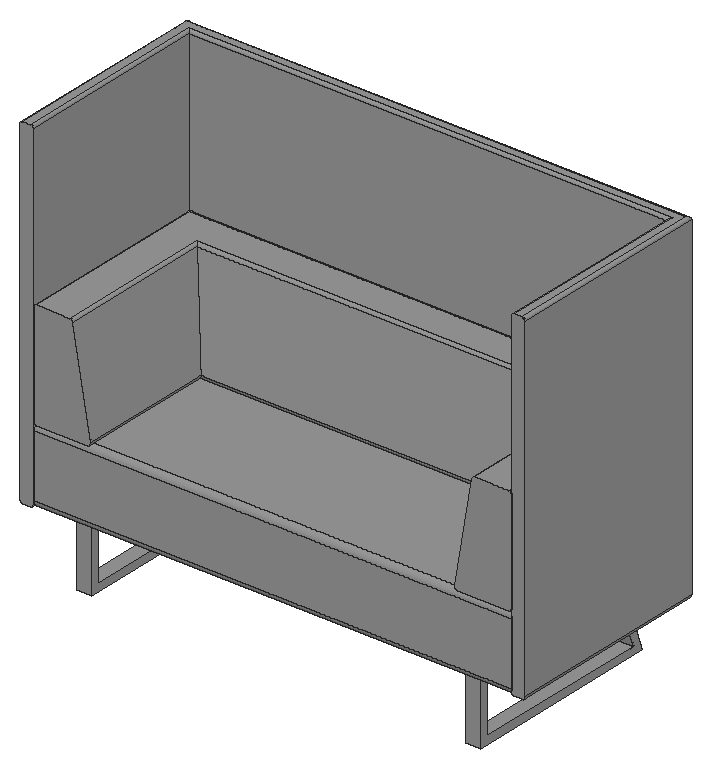
Revit family "TP3H - TP3L", category Furniture, Revit 2019
Family settings
  OmniClass Number = 23.40.20.00
  OmniClass Title = General Furniture and Specialties
  Work Plane-Based = No
  Always vertical = Yes
  Cut with Voids When Loaded = No
  Shared = No
  Room Calculation Point = No
Parameters (values of type "TP3H-K")
  URL = "www.gof.co.uk"
  Seat = GABRIEL Byron_02101
  Range = "SEATING"
  Product Data Specification = "https://gof.co.uk/wp-content/uploads/2016/02/Take-Off-Task-Product-Data-Sheet.compressed.pdf"
  Product Code = "TP3H-K"
  Product Brochure = "https://gof.co.uk/wp-content/uploads/2016/04/Take_Off_Reception_Brochure_2016.pdf"
  Model = "TAKE OFF PLUS"
  Manufacturer = "Gresham Office Furniture"  # constant formula
  Low Surround = GABRIEL Byron_02101
  Low Surround (Vis) = no
  High Surround (Vis) = yes
  High Surround = GABRIEL Byron_02101
  Circular Leg Frame = no
  Back = GABRIEL Byron_14101
  Angled Base Frame = yes
Types (5, lengths in mm): name | Product Code | Low Surround (Vis) | High Surround (Vis) | Circular Leg Frame | Angled Base Frame
  (no name) | "TP3H-K" | no | yes | no | yes
  TP3L-K | "TP3L-K" | yes | no | no | yes
  TP3H-K | "TP3H-K" | no | yes | no | yes
  TP3H-4 | "TP3H-4" | no | yes | yes | no
  TP3L-4 | "TP3L-4" | yes | no | yes | no
Reference planes
  plane 1 "Center (Front/Back)": y = 0
  plane 2: z = 0
  plane 3 "Center (Left/Right)": x = 0
  plane 4: y = 347.5
  plane 5: x = 845
  plane 6: x = -845
  plane 7 "Right Inner": x = 800
  plane 8 "Left Inner": x = -800
  plane 9: y = 302.5
  plane 10: y = -347.5
Forms (mm)
  Extrusion 1, solid, material "GABRIEL Byron_02101" <- "Seat"
    sketch origin (0, 0, 215) x (0, 1, 0) y (-1, 0, 0)
      loop
        line (302.5, 800) -> (-347.5, 800) -> (-347.5, -800) -> (302.5, -800) -> (302.5, 800)
    from 0 to 250
  Sweep 2, void
    path in 3D
      loop
        line (800, -347.5, 215) -> (800, 302.5, 215) -> (-800, 302.5, 215) -> (-800, -347.5, 215) -> (800, -347.5, 215)
    profile origin (0, -347.5, 215) x (0, -1, 0) y (0, 0, -1)
      loop
        line (0, 0) -> (-20, 0)
        arc (-20, 0) -> (-5.858, -5.858) -> (0, -20) r 20
        line (0, -20) -> (0, 0)
  Sweep 3, solid, material "GABRIEL Byron_14101" <- "Back"
    path in 3D
      loop
        line (-800, -347.5, 465) -> (-800, 302.5, 465) -> (800, 302.5, 465) -> (800, -347.5, 465)
    profile origin (0, 302.5, 465) x (0, 1, 0) y (0, 0, 1)
      loop
        line (-132.43, 351.697) -> (-190.985, 11.697)
        arc (-190.985, 11.697) -> (-188.778, 3.557) -> (-181.131, 0) r 10
        line (-181.131, 0) -> (-10, 0)
        arc (-10, 0) -> (-2.929, 2.929) -> (0, 10) r 10
        line (0, 10) -> (0, 350)
        arc (0, 350) -> (-2.929, 357.071) -> (-10, 360) r 10
        line (-10, 360) -> (-122.575, 360)
        arc (-122.575, 360) -> (-129.018, 357.648) -> (-132.43, 351.697) r 10
  Sweep 4, solid, material "GABRIEL Byron_02101" <- "Low Surround", visible <- "Low Surround (Vis)"
    path in 3D
      loop
        line (-800, -347.5, 465) -> (-800, 302.5, 465) -> (800, 302.5, 465) -> (800, -347.5, 465)
    profile origin (800, -22.5, 465) x (1, 0, 0) y (0, 0, 1)
      loop
        arc (10, 360) -> (2.929, 357.071) -> (0, 350) r 10
        line (0, 350) -> (0, -240)
        arc (0, -240) -> (2.929, -247.071) -> (10, -250) r 10
        line (10, -250) -> (35, -250)
        arc (35, -250) -> (42.071, -247.071) -> (45, -240) r 10
        line (45, -240) -> (45, 350)
        arc (45, 350) -> (42.071, 357.071) -> (35, 360) r 10
        line (35, 360) -> (10, 360)
  Sweep 5, void
    path in 3D
      loop
        line (800, -347.5, 465) -> (800, 302.5, 465) -> (-800, 302.5, 465) -> (-800, -347.5, 465) -> (800, -347.5, 465)
    profile origin (0, -347.5, 465) x (0, 1, 0) y (0, 0, 1)
      loop
        line (0, 0) -> (0, -20)
        arc (0, -20) -> (5.858, -5.858) -> (20, 0) r 20
        line (20, 0) -> (0, 0)
  Sweep 6, solid, material "GABRIEL Byron_02101" <- "High Surround", visible <- "High Surround (Vis)"
    path in 3D
      loop
        line (-800, -347.5, 1000) -> (-800, 302.5, 1000) -> (800, 302.5, 1000) -> (800, -347.5, 1000)
    profile origin (800, -22.5, 1000) x (1, 0, 0) y (0, 0, 1)
      loop
        arc (10, 360) -> (2.929, 357.071) -> (0, 350) r 10
        line (0, 350) -> (0, -775)
        arc (0, -775) -> (2.929, -782.071) -> (10, -785) r 10
        line (10, -785) -> (35, -785)
        arc (35, -785) -> (42.071, -782.071) -> (45, -775) r 10
        line (45, -775) -> (45, 350)
        arc (45, 350) -> (42.071, 357.071) -> (35, 360) r 10
        line (35, 360) -> (10, 360)
Cuts and joins
  Sweep 2, Sweep 5 cuts Extrusion 1
Lines and regions (mm)
  sketch lines
    curve 1: line (-800, -347.5, 215) -> (800, -347.5, 215)
    curve 2: line (800, -347.5, 215) -> (800, 302.5, 215)
    curve 3: line (800, 302.5, 215) -> (-800, 302.5, 215)
    curve 4: line (-800, 302.5, 215) -> (-800, -347.5, 215)
    curve 5: line (-800, 302.5, 465) -> (800, 302.5, 465)
    curve 6: line (-800, -347.5, 465) -> (-800, 302.5, 465)
    curve 7: line (800, 302.5, 465) -> (800, -347.5, 465)
    curve 8: line (800, 302.5, 465) -> (800, -347.5, 465)
    curve 9: line (-800, 302.5, 465) -> (800, 302.5, 465)
    curve 10: line (-800, -347.5, 465) -> (-800, 302.5, 465)
    curve 11: line (-800, -347.5, 465) -> (800, -347.5, 465)
    curve 12: line (800, -347.5, 465) -> (800, 302.5, 465)
    curve 13: line (800, 302.5, 465) -> (-800, 302.5, 465)
    curve 14: line (-800, 302.5, 465) -> (-800, -347.5, 465)
    curve 15: line (800, 302.5, 1000) -> (800, -347.5, 1000)
    curve 16: line (-800, 302.5, 1000) -> (800, 302.5, 1000)
    curve 17: line (-800, -347.5, 1000) -> (-800, 302.5, 1000)
Dimensions and locks
  plane 6 to plane 5 = 1690 mm
  locked: plane 7 "Right Inner" to plane 5 at 45
  locked: plane 6 to plane 8 "Left Inner" at 45
  locked: plane 9 to plane 4 at 45
  locked: plane 10 to plane 4 at 695
  equal spacing: plane 10, plane 1 "Center (Front/Back)", plane 4
  locked: nested 1 to plane 5 at 170
  locked: nested 1 to plane 10 at 26
  locked: plane 6 to nested 2 at 170
  locked: nested 2 to plane 10 at 26
  locked: nested 3 to plane 5 at 62.5
  locked: nested 3 to plane 10 at 20
  locked: plane 6 to nested 4 at 62.5
  locked: nested 4 to plane 10 at 20
  aligned and locked: level to plane 2
Automatic sketch dimensions
  Extrusion 1 sketch curve to plane 8 "Left Inner" = 0 mm
  Extrusion 1 sketch curve to plane 10 = 0 mm
  Extrusion 1 sketch curve to plane 9 = 0 mm
  Extrusion 1 sketch curve to plane 7 "Right Inner" = 0 mm
  profile plane to Sweep 2 sketch curve = 0 mm
  Sweep 2 sketch curve to profile plane = 0 mm
  Sweep 2 sketch curve to Sweep 2 sketch curve = 20 mm
  Sweep 3 sketch curve to profile plane = 0 mm  (x2)
  profile plane to Sweep 3 sketch curve = 10 mm  (x2)
  Sweep 3 sketch curve to Sweep 3 sketch curve = 10 mm  (x2)
  Sweep 3 sketch curve to Sweep 3 sketch curve = 112.575 mm
  Sweep 3 sketch curve to Sweep 3 sketch curve = 9.855 mm
  Sweep 3 sketch curve to Sweep 3 sketch curve = 171.131 mm
  profile plane to Sweep 3 sketch curve = 11.697 mm
  Sweep 3 sketch curve to Sweep 3 sketch curve = 340 mm
  profile plane to Sweep 4 sketch curve = 0 mm
  Sweep 4 sketch curve to profile plane = 10 mm  (x2)
  Sweep 4 sketch curve to Sweep 4 sketch curve = 25 mm  (x2)
  Sweep 4 sketch curve to Sweep 4 sketch curve = 10 mm
  Sweep 4 sketch curve to profile plane = 250 mm
  profile plane to Sweep 4 sketch curve = 350 mm
  Sweep 5 sketch curve to profile plane = 0 mm  (x2)
  Sweep 5 sketch curve to profile plane = 20 mm
  profile plane to Sweep 6 sketch curve = 0 mm
  Sweep 6 sketch curve to profile plane = 10 mm  (x2)
  Sweep 6 sketch curve to Sweep 6 sketch curve = 25 mm  (x2)
  Sweep 6 sketch curve to Sweep 6 sketch curve = 10 mm
  Sweep 6 sketch curve to profile plane = 785 mm
  profile plane to Sweep 6 sketch curve = 350 mm
Nested families
  nested 1: "Angled Base Frame" at (0, -83, 0), visible <- "Angled Base Frame", type "Angled Base Frame"
  nested 2: "Angled Base Frame" at (0, -83, 0) x (-1, 0, 0) z (0, 0, 1), visible <- "Angled Base Frame", type "Angled Base Frame"
  nested 3: "Circular Leg Frame" at (0, -83, 0), visible <- "Circular Leg Frame", type "Circular Leg Frame"
  nested 4: "Circular Leg Frame" at (0, -83, 0) x (-1, 0, 0) z (0, 0, 1), visible <- "Circular Leg Frame", type "Circular Leg Frame"
Definition of nested family "Angled Base Frame"
  Parameters (values of type "Angled Base Frame")
    Width = 1690 mm
    URL = "www.gof.co.uk"
    Range = "TAKE OFF PLUS"
    Product Code = ""
    Manufacturer = "Gresham Office Funiture"  # constant formula
    Frame = none
  Reference planes
    plane 1 "Center (Front/Back)": y = 83
    plane 2: z = 0
    plane 3 "Center (Left/Right)": x = 0
    plane 4: x = -845
    plane 5: x = 845
    plane 6: y = 430.5
    plane 7: y = -264.5
  Forms (mm)
    Extrusion 1, solid, material <- "Frame"
      sketch origin (675, 334.886, 702) x (0, -1, 0) y (0, 0, 1)
        loop
          line (-101.614, -702) -> (573.386, -702) -> (573.386, -487) -> (-23.614, -487) -> (-101.614, -702)
        loop
          line (548.386, -677) -> (548.386, -512) -> (-6.089, -512) -> (-65.95, -677) -> (548.386, -677)
      from 0 to 50
  Dimensions and locks
    "Width": plane 4 to plane 5
    locked: plane 6 to plane 7 at 695
    equal spacing: plane 4, plane 3 "Center (Left/Right)", plane 5
    Extrusion 1 sketch curve to Extrusion 1 sketch curve = 25 mm  (x2)
    Extrusion 1 sketch curve to Extrusion 1 sketch curve = 675 mm
    Extrusion 1 sketch curve to Extrusion 1 sketch curve = 597 mm
    locked: Extrusion 1 to plane 5 at 170
    locked: Extrusion 1 to plane 7 at 26
    equal spacing: plane 6, plane 1 "Center (Front/Back)", plane 7
    aligned and locked: level to plane 2
  Automatic sketch dimensions
    Extrusion 1 sketch curve to level = 0 mm
    plane 6 to Extrusion 1 sketch curve = 6 mm
    Extrusion 1 sketch curve to plane 6 = 29.664 mm
    Extrusion 1 sketch curve to Extrusion 1 sketch curve = 17.525 mm
    level to Extrusion 1 sketch curve = 25 mm
    Extrusion 1 sketch curve to Extrusion 1 sketch curve = 165 mm
Definition of nested family "Circular Leg Frame"
  Parameters (values of type "Circular Leg Frame")
    Width = 1690 mm
    URL = "www.gof.co.uk"
    Range = "TAKE OFF PLUS"
    Product Code = ""
    Manufacturer = "Gresham Office Funiture"  # constant formula
    Frame = none
    Foot = none
  Reference planes
    plane 1 "Center (Front/Back)": y = 83
    plane 2: z = 0
    plane 3 "Center (Left/Right)": x = 0
    plane 4: x = -845
    plane 5: x = 845
    plane 6: y = 430.5
    plane 7: y = -264.5
  Forms (mm)
    Extrusion 1, solid, material <- "Frame"
      sketch origin (770, 353.886, 702) x (0, -1, 0) y (0, 0, 1)
        loop
          line (553.386, -487) -> (-26.614, -487) -> (-26.614, -537) -> (553.386, -537) -> (553.386, -487)
      from 0 to 25
    Extrusion 2, solid, material <- "Frame"
      sketch origin (0, -25, 5) x (-1, 0, 0) y (0, -1, 0)
        loop
          circle (-757.5, 194.5) r 25
      from 0 to 210
    Extrusion 3, solid, material <- "Frame"
      sketch origin (0, 239, 5) x (-1, 0, 0) y (0, -1, 0)
        loop
          circle (-757.5, -161.5) r 25
      from 0 to 210
    Extrusion 4, solid, material <- "Foot"
      sketch origin (0, 0, 0) x (1, 0, 0) y (0, 1, 0)
        loop
          circle (757.5, -219.5) r 15
      from 0 to 5
    Extrusion 5, solid, material <- "Foot"
      sketch origin (0, 199, 0) x (1, 0, 0) y (0, 1, 0)
        loop
          circle (757.5, 201.5) r 15
      from 0 to 5
  Cuts and joins
    joined: Extrusion 1, Extrusion 2, Extrusion 3
  Dimensions and locks
    "Width": plane 4 to plane 5
    locked: plane 6 to plane 7 at 695
    equal spacing: plane 4, plane 3 "Center (Left/Right)", plane 5
    Extrusion 1 sketch curve to Extrusion 1 sketch curve = 50 mm
    locked: Extrusion 1 to plane 5 at 75
    locked: Extrusion 2 to plane 7 at 20
    Extrusion 2 to plane 7 = 70 mm
    locked: plane 6 to Extrusion 3 at 5
    plane 6 to Extrusion 5 = 15 mm
    Extrusion 4 to plane 7 = 45 mm
    plane 6 to Extrusion 5 = 30 mm
    equal spacing: plane 6, plane 1 "Center (Front/Back)", plane 7
    aligned and locked: level to plane 2
    aligned and locked: Extrusion 2 to Extrusion 1
  Automatic sketch dimensions
    Extrusion 1 sketch curve to plane 6 = 50 mm
    plane 7 to Extrusion 1 sketch curve = 65 mm
    level to Extrusion 1 sketch curve = 165 mm
    plane 5 to Extrusion 2 sketch curve = 87.5 mm
    plane 7 to Extrusion 2 sketch curve = 45 mm
    plane 6 to Extrusion 3 sketch curve = 30 mm
    Extrusion 3 sketch curve to plane 5 = 87.5 mm
    plane 5 to Extrusion 4 sketch curve = 87.5 mm
    plane 7 to Extrusion 4 sketch curve = 45 mm
    plane 6 to Extrusion 5 sketch curve = 30 mm
    Extrusion 5 sketch curve to plane 5 = 87.5 mm
    radius of Extrusion 2 sketch curve = 25 mm
    radius of Extrusion 3 sketch curve = 25 mm
    radius of Extrusion 4 sketch curve = 15 mm
    radius of Extrusion 5 sketch curve = 15 mm
